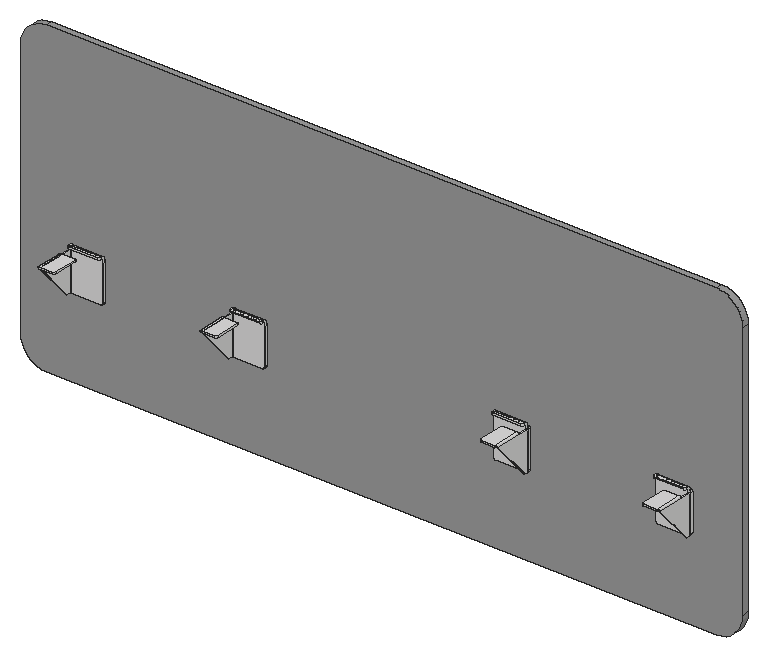
Revit family "Desk_Screens-Teknion-CQCDE_Routes_Smooth_Felt_Double_Desk_End_Screen-R2019", category Furniture, Revit 2019
Family settings
  OmniClass Number = 23.40.20.00
  OmniClass Title = General Furniture and Specialties
  Work Plane-Based = No
  Always vertical = Yes
  Cut with Voids When Loaded = No
  Shared = Yes
  Room Calculation Point = No
Parameters (values of type "42" Datum Height, Semi Modesty Height, 54" Width")
  Width = 54.000"  # constant formula
  Warranty = "http://www.teknion.com/ca/papers/legal-canada"
  Unit Weight URL = "http://www.teknion.com/ca/tools/assets#&asset=bee6a381-b954-425e-8283-5a2de3a804f2,f828d448-4b62-4231-9e5f-9a8991c0ed77"
  URL = "www.teknion.com"
  To render please download texture images found here [instance] = "https://assets.teknion.com/web/5e81352c1dfdb467/revit-material-swatches/"
  Sustainability Data = "https://www.teknion.com/ca/tools/assets#&topic=216f99a5-57a0-44fc-b10a-9dee9b29ae4c&asset=444deb64-fe58-4b68-981e-f75e97781df7,b4ff2d81-9f2e-437d-9659-7cffb09c31cf"
  Smooth Felt Finish [instance] = Fabric - Teknion - R5 - Smooth Felt - Pewter
  Series = "Routes"  # constant formula
  Product Page URL = "https://www.teknion.com/ca/products/product-details?productLineId=70f0476f-8e7a-673b-a6c8-ff05004460c4"
  Product Line = "Routes"  # constant formula
  Product Documentation Link = "https://assets.teknion.com/m/72af4764f50e983c/original/Routes-Reference-Guide.pdf"
  Part Number = "CQCDE"  # constant formula
  Modesty Base Height = 19.000"
  Model = "CQCDE42T54"
  Manufacturer Phone = "416-661-3370"  # constant formula
  Manufacturer Fax = "416.661.4586"  # constant formula
  Manufacturer Contact Information = "http://www.teknion.com/ca/contactus"
  Manufacturer Address = "1150 Flint Road, Toronto, ON. M3J 2J5. Canada"  # constant formula
  Manufacturer = "Teknion"  # constant formula
  How To Use Teknion Materials User Guide [instance] = "https://assets.teknion.com/m/205dd0a49fa58060/original/How-to-add-a-Material-Library-and-Texture-Images-to-your-Revit-project.pdf"
  Hardware Finish [instance] = Paint - Teknion - Mica - Arctic
  For Additional Finishes please visit [instance] = "https://assets.teknion.com/m/44a8009b046e5d47/original/Teknion_Materials_Library.zip"
  Description = "Smooth Felt Double Desk End Screen, 42\" Datum Height, Semi Modesty Height (19\"), 54\" Width"
  Datum Height = 42.000"
  Connection Node Visibility [instance] = yes
  Assembly Code = "E2020200"
Types (4): name | Modesty Base Height | Model | Description | Datum Height
  (no name) | 19.000" | "CQCDE42T54" | "Smooth Felt Double Desk End Screen, 42\" Datum Height, Semi Modesty Height (19\"), 54\" Width" | 42.000"
  47" Datum Height, Slim Modesty Height, 54" Width | 24.000" | "CQCDE47L54" | "Smooth Felt Double Desk End Screen, 47\" Datum Height, Slim Modesty Height (24\"), 54\" Width" | 47.000"
  42" Datum Height, Slim Modesty Height, 54" Width | 24.000" | "CQCDE42L54" | "Smooth Felt Double Desk End Screen, 42\" Datum Height, Slim Modesty Height (24\"), 54\" Width" | 42.000"
  42" Datum Height, Semi Modesty Height, 54" Width | 19.000" | "CQCDE42T54" | "Smooth Felt Double Desk End Screen, 42\" Datum Height, Semi Modesty Height (19\"), 54\" Width" | 42.000"
Reference planes (in)
  plane 1 "Center Front/Back": y = 0
  plane 2: z = 0
  plane 3 "Center Left/Right": x = 0
  plane 4 "Left": x = -26.75
  plane 5 "Right": x = 26.75
  plane 6 "Back": y = 1.00013
  plane 7 "Front": y = -2.607
  plane 8 "Top": z = 42
  plane 9: z = 19
Forms (in)
  Sweep 1, solid, material "Fabric - Teknion - R5 - Smooth Felt - Pewter" <- "Smooth Felt Finish"
    path origin (0, 0, 0) x (1, 0, 0) y (0, 1, 0)
      loop
        line (0, 0.508) -> (0, 1.00013)
    profile origin (0, 0.75406, 0) x (-1, 0, 0) y (0, 0, 1)
      loop
        arc (-24.785, 42) -> (-26.17446, 41.42446) -> (-26.75, 40.035) r 1.965
        line (-26.75, 40.035) -> (-26.75, 20.965)
        arc (-26.75, 20.965) -> (-26.17446, 19.57554) -> (-24.785, 19) r 1.965
        line (-24.785, 19) -> (24.785, 19)
        arc (24.785, 19) -> (26.17446, 19.57554) -> (26.75, 20.965) r 1.965
        line (26.75, 20.965) -> (26.75, 40.035)
        arc (26.75, 40.035) -> (26.17446, 41.42446) -> (24.785, 42) r 1.965
        line (24.785, 42) -> (-24.785, 42)
Lines and regions (in)
  Masking region 1
    outline origin (0, 0, 0) x (1, 0, 0) y (0, 1, 0)
      loop
        line (-26.75, 1.00013) -> (-26.75, 0.508) -> (26.75, 0.508) -> (26.75, 1.00013) -> (-26.75, 1.00013)
Dimensions and locks (in)
  locked: plane 4 "Left" to plane 5 "Right" at 53.5
  locked: plane 6 "Back" to plane 7 "Front" at 3.60713
  "Datum Height": plane 8 "Top" to level
  equal spacing: plane 4 "Left", plane 3 "Center Left/Right", plane 5 "Right", locked at 26.75 each
  plane 7 "Front" to plane 1 "Center Front/Back" to plane 6 "Back" = 2.607" locked, 1.00013" locked
  "Modesty Base Height": plane 9 to level
  locked: plane 6 "Back" to Sweep 1 sketch curve at 0.49213
  plane 8 "Top" to Sweep 1 sketch curve to Sweep 1 sketch curve to Sweep 1 sketch curve = 0.000" locked, 1.965" locked, 0.000" locked
  Sweep 1 sketch curve to Sweep 1 sketch curve to plane 9 to Sweep 1 sketch curve = 0.000" locked, 1.965" locked, 0.000" locked
  Sweep 1 sketch curve to Sweep 1 sketch curve to plane 4 "Left" to Sweep 1 sketch curve = 0.000" locked, 1.965" locked, 0.000" locked
  Sweep 1 sketch curve to Sweep 1 sketch curve to plane 5 "Right" to Sweep 1 sketch curve = 0.000" locked, 1.965" locked, 0.000" locked
  nested 1 to nested 2 to nested 4 to nested 3 to level = 0.000" locked, 0.000" locked, 0.000" locked, 28.250" locked
  nested 1 to nested 2 to plane 3 "Center Left/Right" to nested 4 to nested 3 = 12.000" locked, 9.750" locked, 9.750" locked, 12.000" locked
  plane 1 "Center Front/Back" to nested 1 to nested 2 to nested 4 to nested 3 = 0.000" locked, 0.000" locked, 0.000" locked, 0.000" locked
  locked: plane 6 "Back" to Masking region 1 sketch curve at 0.49213
  aligned and locked: level to plane 2
  aligned and locked: plane 6 "Back" to Sweep 1 sketch curve
  aligned and locked: plane 3 "Center Left/Right" to Sweep 1 sketch curve
  aligned and locked: plane 1 "Center Front/Back" to nested 5
  aligned and locked: plane 3 "Center Left/Right" to nested 5
  aligned and locked: Masking region 1 sketch curve to plane 5 "Right"
  aligned and locked: Masking region 1 sketch curve to plane 6 "Back"
  aligned and locked: plane 4 "Left" to Masking region 1 sketch curve
Nested families (in)
  nested 1: "Accessories-Teknion-Routes_Hardware-R2018" at (-21.75, 0, 25), Hardware Finish <- "Hardware Finish", type "Desk Edge Screen Hardware"
    with To render please download texture images found here "https://assets.teknion.com/web/5e81352c1dfdb467/revit-material-swatches/", How To Use Teknion Materials User Guide "https://assets.teknion.com/m/205dd0a49fa58060/original/How-to-add-a-Material-Library-and-Texture-Images-to-your-Revit-project.pdf", Hardware Finish Paint - Teknion - Mica - Arctic, For Additional Finishes please visit "https://assets.teknion.com/m/44a8009b046e5d47/original/Teknion_Materials_Library.zip"
  nested 2: "Accessories-Teknion-Routes_Hardware-R2018" at (-9.75, 0, 25), Hardware Finish <- "Hardware Finish", type "Desk Edge Screen Hardware"
    with To render please download texture images found here "https://assets.teknion.com/web/5e81352c1dfdb467/revit-material-swatches/", How To Use Teknion Materials User Guide "https://assets.teknion.com/m/205dd0a49fa58060/original/How-to-add-a-Material-Library-and-Texture-Images-to-your-Revit-project.pdf", Hardware Finish Paint - Teknion - Mica - Arctic, For Additional Finishes please visit "https://assets.teknion.com/m/44a8009b046e5d47/original/Teknion_Materials_Library.zip"
  nested 3: "Accessories-Teknion-Routes_Hardware-R2018" at (21.75, 0, 25) x (-1, 0, 0) z (0, 0, 1), Hardware Finish <- "Hardware Finish", type "Desk Edge Screen Hardware"
    with To render please download texture images found here "https://assets.teknion.com/web/5e81352c1dfdb467/revit-material-swatches/", How To Use Teknion Materials User Guide "https://assets.teknion.com/m/205dd0a49fa58060/original/How-to-add-a-Material-Library-and-Texture-Images-to-your-Revit-project.pdf", Hardware Finish Paint - Teknion - Mica - Arctic, For Additional Finishes please visit "https://assets.teknion.com/m/44a8009b046e5d47/original/Teknion_Materials_Library.zip"
  nested 4: "Accessories-Teknion-Routes_Hardware-R2018" at (9.75, 0, 25) x (-1, 0, 0) z (0, 0, 1), Hardware Finish <- "Hardware Finish", type "Desk Edge Screen Hardware"
    with To render please download texture images found here "https://assets.teknion.com/web/5e81352c1dfdb467/revit-material-swatches/", How To Use Teknion Materials User Guide "https://assets.teknion.com/m/205dd0a49fa58060/original/How-to-add-a-Material-Library-and-Texture-Images-to-your-Revit-project.pdf", Hardware Finish Paint - Teknion - Mica - Arctic, For Additional Finishes please visit "https://assets.teknion.com/m/44a8009b046e5d47/original/Teknion_Materials_Library.zip"
  nested 5: "Teknion_2D_Node_Family-R2016" at (0, 0, 0), visible <- "Connection Node Visibility", type "Teknion_2D_Node_Family-R2016"
Definition of nested family "Accessories-Teknion-Routes_Hardware-R2018"
  Parameters (values of type "Desk Edge Screen Hardware")
    Warranty = "http://www.teknion.com/ca/papers/legal-canada"
    Unit Weight URL = "http://www.teknion.com/ca/tools/assets#&asset=bee6a381-b954-425e-8283-5a2de3a804f2,f828d448-4b62-4231-9e5f-9a8991c0ed77"
    URL = "www.teknion.com"
    To render please download texture images found here [instance] = "https://assets.teknion.com/web/5e81352c1dfdb467/revit-material-swatches/"
    Sustainability Data = "https://www.teknion.com/ca/tools/assets#&topic=216f99a5-57a0-44fc-b10a-9dee9b29ae4c&asset=444deb64-fe58-4b68-981e-f75e97781df7,b4ff2d81-9f2e-437d-9659-7cffb09c31cf"
    Series = "Routes"  # constant formula
    Product Page URL = "https://www.teknion.com/ca/products/all-products"
    Product Line = "Routes"  # constant formula
    Model = "Routes Desk Screen Hardware"
    Manufacturer Phone = "416-661-3370"  # constant formula
    Manufacturer Fax = "416.661.4586"  # constant formula
    Manufacturer Contact Information = "http://www.teknion.com/ca/contactus"
    Manufacturer Address = "1150 Flint Road, Toronto, ON. M3J 2J5. Canada"  # constant formula
    Manufacturer = "Teknion"  # constant formula
    How To Use Teknion Materials User Guide [instance] = "https://assets.teknion.com/m/205dd0a49fa58060/original/How-to-add-a-Material-Library-and-Texture-Images-to-your-Revit-project.pdf"
    Hardware Finish [instance] = none
    For Additional Finishes please visit [instance] = "https://assets.teknion.com/m/44a8009b046e5d47/original/Teknion_Materials_Library.zip"
    Description = "Routes Desk Screen Hardware"
    Assembly Code = "E2020200"
  Reference planes (in)
    plane 1 "Center Front/Back": y = 0
    plane 2: z = 0
    plane 3 "Center Left/Right": x = 0
    plane 4 "Left": x = -1.25
    plane 5 "Right": x = 1.25
    plane 6 "Back": y = 0.508
    plane 7 "Front": y = -2.607
    plane 8 "Top": z = 3.25
  Forms (in)
    Sweep 1, solid, material <- "Hardware Finish"
      path origin (0, 0, 0) x (1, 0, 0) y (0, 1, 0)
        loop
          line (0, 0.508) -> (0, 0.403)
      profile origin (0, 0.4555, 0) x (1, 0, 0) y (0, 0, 1)
        loop
          line (1.125, 3) -> (-1.125, 3)
          arc (-1.125, 3) -> (-1.21339, 2.96339) -> (-1.25, 2.875) r 0.125
          line (-1.25, 2.875) -> (-1.25, 0.125)
          arc (-1.25, 0.125) -> (-1.21339, 0.03661) -> (-1.125, 0) r 0.125
          line (-1.125, 0) -> (1.125, 0)
          arc (1.125, 0) -> (1.21339, 0.03661) -> (1.25, 0.125) r 0.125
          line (1.25, 0.125) -> (1.25, 2.875)
          arc (1.25, 2.875) -> (1.21339, 2.96339) -> (1.125, 3) r 0.125
    Sweep 2, solid, material <- "Hardware Finish"
      path origin (0, 0, 0) x (1, 0, 0) y (0, 0, 1)
        loop
          line (0, 0) -> (0, 2.865)
      profile origin (0, 0, 1.4325) x (-1, 0, 0) y (0, -1, 0)
        loop
          line (1.115, -0.298) -> (-1.25, -0.298) -> (-1.25, -0.403) -> (1.115, -0.403)
          arc (1.115, -0.403) -> (1.21046, -0.36346) -> (1.25, -0.268) r 0.135
          line (1.25, -0.268) -> (1.25, 2.607) -> (1.145, 2.607) -> (1.145, -0.268)
          arc (1.145, -0.268) -> (1.13621, -0.28921) -> (1.115, -0.298) r 0.03
    Sweep 3, solid, material <- "Hardware Finish"
      path origin (0, 0, 0) x (1, 0, 0) y (0, 1, 0)
        loop
          line (0, -0.567) -> (0, -2.607)
      profile origin (0, -1.587, 0) x (1, 0, 0) y (0, 0, 1)
        loop
          line (0, 2.895) -> (0, 3) -> (-1.115, 3)
          arc (-1.115, 3) -> (-1.21046, 2.96046) -> (-1.25, 2.865) r 0.135
          line (-1.25, 2.865) -> (-1.145, 2.865)
          arc (-1.145, 2.865) -> (-1.13621, 2.88621) -> (-1.115, 2.895) r 0.03
          line (-1.115, 2.895) -> (0, 2.895)
    Sweep 4, solid, material <- "Hardware Finish"
      path origin (0, 0, 0) x (1, 0, 0) y (0, 1, 0)
        loop
          line (-1.115, 0) -> (1.25, 0)
      profile origin (0.0675, 0, 0) x (0, 1, 0) y (0, 0, 1)
        loop
          line (0.403, 2.865) -> (0.403, 3.115)
          arc (0.403, 3.115) -> (0.36346, 3.21046) -> (0.268, 3.25) r 0.135
          line (0.268, 3.25) -> (0, 3.25) -> (0, 3.145) -> (0.268, 3.145)
          arc (0.268, 3.145) -> (0.28921, 3.13621) -> (0.298, 3.115) r 0.03
          line (0.298, 3.115) -> (0.298, 2.865) -> (0.403, 2.865)
    Sweep 5, void
      path origin (0, 0, 0) x (1, 0, 0) y (0, 1, 0)
        loop
          line (-1.25, 0) -> (-1.115, 0)
      profile origin (-1.1825, 0, 0) x (0, 1, 0) y (0, 0, 1)
        loop
          line (-2.607, 3) -> (-2.607, 0) -> (0.028, 0) -> (-2.607, 3)
    Sweep 6, void
      path origin (0, 0, 0) x (1, 0, 0) y (0, 1, 0)
        loop
          line (0, 0.298) -> (0, 0.403)
      profile origin (0, 0.3505, 0) x (-1, 0, 0) y (0, 0, 1)
        loop
          line (-1.25, 0.125) -> (-1.25, 0) -> (-1.125, 0)
          arc (-1.125, 0) -> (-1.21339, 0.03661) -> (-1.25, 0.125) r 0.125
    Sweep 7, void
      path origin (0, 0, 0) x (1, 0, 0) y (0, 0, 1)
        loop
          line (0, 3.25) -> (0, 2.895)
      profile origin (0, 0, 3.0725) x (0, -1, 0) y (1, 0, 0)
        loop
          line (0, -1.115) -> (0, -0.99)
          arc (0, -0.99) -> (-0.03661, -1.07839) -> (-0.125, -1.115) r 0.125
          line (-0.125, -1.115) -> (0, -1.115)
        loop
          line (0, 1.125) -> (0, 1.25) -> (-0.125, 1.25)
          arc (-0.125, 1.25) -> (-0.03661, 1.21339) -> (0, 1.125) r 0.125
        loop
          line (2.607, 0) -> (2.482, 0)
          arc (2.482, 0) -> (2.57039, -0.03661) -> (2.607, -0.125) r 0.125
          line (2.607, -0.125) -> (2.607, 0)
        loop
          line (0.692, 0) -> (0.567, 0) -> (0.567, -0.125)
          arc (0.567, -0.125) -> (0.60361, -0.03661) -> (0.692, 0) r 0.125
  Cuts and joins
    Sweep 5, Sweep 6 cuts Sweep 2
    Sweep 5, Sweep 7 cuts Sweep 3
    Sweep 7 cuts Sweep 4
    joined: Sweep 2, Sweep 3, Sweep 4
  Lines and regions (in)
    symbolic lines, detail levels medium+fine
      curve 1: line (-1.25, 0.508, 0) -> (1.25, 0.508, 0)
      curve 2: line (-1.25, 0.403, 0) -> (1.25, 0.403, 0)
      curve 3: line (-0.99, 0, 0) -> (1.125, 0, 0)
      curve 4: arc (1.125, 0, 0) -> (1.21339, 0.03661, 0) -> (1.25, 0.125, 0) r 0.125
      curve 5: line (1.25, 0.125, 0) -> (1.25, 0.508, 0)
      curve 6: line (-1.115, 0.403, 0) -> (-1.115, 0.125, 0)
      curve 7: arc (-1.115, 0.125, 0) -> (-1.07839, 0.03661, 0) -> (-0.99, 0, 0) r 0.125
      curve 8: line (-1.25, -0.567, 0) -> (-0.125, -0.567, 0)
      curve 9: line (0, -2.482, 0) -> (0, -0.692, 0)
      curve 10: arc (-0.125, -0.567, 0) -> (-0.03661, -0.60361, 0) -> (0, -0.692, 0) r 0.125
      curve 11: line (-1.12603, -2.607, 0) -> (-0.125, -2.607, 0)
      curve 12: arc (0, -2.482, 0) -> (-0.03661, -2.57039, 0) -> (-0.125, -2.607, 0) r 0.125
      curve 13: line (-1.25, 0.268, 0) -> (-1.25, -2.48842, 0)
      curve 14: spline (-1.24771, -2.48862, 0) -> (-1.24911, -2.50162, 0) -> (-1.24812, -2.51464, 0) -> (-1.24474, -2.52748, 0) -> (-1.23904, -2.53996, 0) -> (-1.23109, -2.55189, 0) -> (-1.22102, -2.5631, 0) -> (-1.20896, -2.57342, 0) -> (-1.1951, -2.58271, 0) -> (-1.17964, -2.59081, 0) -> (-1.16281, -2.59763, 0) -> (-1.14485, -2.60305, 0) -> (-1.12603, -2.607, 0)
      curve 15: arc (-1.25, 0.268, 0) -> (-1.21046, 0.36346, 0) -> (-1.115, 0.403, 0) r 0.135
      curve 16: line (-1.145, -2.48842, 0) -> (-1.145, 0.268, 0)
      curve 17: arc (-1.115, 0.298, 0) -> (-1.13621, 0.28921, 0) -> (-1.145, 0.268, 0) r 0.03
      curve 18: line (-1.115, 0.298, 0) -> (1.25, 0.298, 0)
      curve 19: line (-1.25, 0.403, 0) -> (-1.25, 0.508, 0)
  Dimensions and locks (in)
    locked: plane 4 "Left" to plane 5 "Right" at 2.5
    locked: plane 6 "Back" to plane 7 "Front" at 3.115
    locked: plane 8 "Top" to level at 3.25
    equal spacing: plane 4 "Left", plane 3 "Center Left/Right", plane 5 "Right"
    plane 6 "Back" to plane 1 "Center Front/Back" to plane 7 "Front" = 0.508" locked, 2.607" locked
    locked: plane 6 "Back" to Sweep 1 sketch curve at 0.105
    aligned and locked: level to plane 2
    aligned and locked: plane 6 "Back" to Sweep 1 sketch curve
    aligned and locked: Sweep 1 sketch curve to plane 3 "Center Left/Right"
    aligned and locked: curve 1 to Sweep 1
    aligned and locked: curve 2 to Sweep 1
    aligned and locked: curve 4 to cut or joined group of Sweep 2, Sweep 3, Sweep 4, Sweep 5, Sweep 6, Sweep 7
    aligned and locked: curve 6 to cut or joined group of Sweep 2, Sweep 3, Sweep 4, Sweep 5, Sweep 6, Sweep 7
    aligned and locked: curve 7 to cut or joined group of Sweep 2, Sweep 3, Sweep 4, Sweep 5, Sweep 6, Sweep 7
    aligned and locked: curve 8 to cut or joined group of Sweep 2, Sweep 3, Sweep 4, Sweep 5, Sweep 6, Sweep 7
    aligned and locked: curve 10 to cut or joined group of Sweep 2, Sweep 3, Sweep 4, Sweep 5, Sweep 6, Sweep 7
    aligned and locked: curve 11 to cut or joined group of Sweep 2, Sweep 3, Sweep 4, Sweep 5, Sweep 6, Sweep 7
    aligned and locked: curve 12 to cut or joined group of Sweep 2, Sweep 3, Sweep 4, Sweep 5, Sweep 6, Sweep 7
    aligned and locked: curve 15 to cut or joined group of Sweep 2, Sweep 3, Sweep 4, Sweep 5, Sweep 6, Sweep 7
    aligned and locked: curve 16 to cut or joined group of Sweep 2, Sweep 3, Sweep 4, Sweep 5, Sweep 6, Sweep 7
    aligned and locked: curve 17 to cut or joined group of Sweep 2, Sweep 3, Sweep 4, Sweep 5, Sweep 6, Sweep 7
    aligned and locked: plane 4 "Left" to curve 19
  Automatic sketch dimensions
    Sweep 1 sketch curve to level = 0.000"
    profile plane to Sweep 1 sketch curve = 1.250"
    Sweep 1 sketch curve to Sweep 1 sketch curve = 0.125"  (x3)
    Sweep 1 sketch curve to profile plane = 1.125"  (x2)
    Sweep 1 sketch curve to Sweep 1 sketch curve = 2.750"
    Sweep 2 sketch curve to plane 3 "Center Left/Right" = 0.000"
    Sweep 2 sketch curve to level = 0.000"
    Sweep 2 sketch curve to plane 8 "Top" = 0.385"
    Sweep 2 sketch curve to Sweep 2 sketch curve = 0.000"  (x3)
    Sweep 2 sketch curve to plane 1 "Center Front/Back" = 0.298"
    Sweep 2 sketch curve to profile plane = 1.115"
    Sweep 2 sketch curve to Sweep 2 sketch curve = 0.105"
    plane 1 "Center Front/Back" to Sweep 2 sketch curve = 2.607"
    profile plane to Sweep 2 sketch curve = 1.250"
    Sweep 2 sketch curve to profile plane = 1.145"
    plane 7 "Front" to Sweep 3 sketch curve = 0.000"
    Sweep 3 sketch curve to plane 3 "Center Left/Right" = 0.000"
    plane 1 "Center Front/Back" to Sweep 3 sketch curve = 0.567"
    Sweep 3 sketch curve to Sweep 3 sketch curve = 0.000"
    profile plane to Sweep 3 sketch curve = 0.000"
    profile plane to Sweep 3 sketch curve = 1.115"
    level to Sweep 3 sketch curve = 2.865"
    Sweep 3 sketch curve to Sweep 3 sketch curve = 0.105"
    Sweep 3 sketch curve to Sweep 3 sketch curve = 0.030"
    Sweep 4 sketch curve to plane 5 "Right" = 0.000"
    Sweep 4 sketch curve to plane 1 "Center Front/Back" = 0.000"
    plane 4 "Left" to Sweep 4 sketch curve = 0.135"
    Sweep 4 sketch curve to profile plane = 0.000"
    Sweep 4 sketch curve to profile plane = 0.268"
    Sweep 4 sketch curve to Sweep 4 sketch curve = 0.030"
    Sweep 4 sketch curve to Sweep 4 sketch curve = 0.105"
    level to Sweep 4 sketch curve = 2.865"
    Sweep 4 sketch curve to Sweep 4 sketch curve = 0.250"
    Sweep 4 sketch curve to Sweep 4 sketch curve = 0.000"  (x2)
    plane 1 "Center Front/Back" to Sweep 5 sketch curve = 0.000"
    Sweep 5 sketch curve to plane 4 "Left" = 0.000"
    plane 4 "Left" to Sweep 5 sketch curve = 0.135"
    Sweep 5 sketch curve to level = 0.000"
    profile plane to Sweep 5 sketch curve = 2.607"
    Sweep 5 sketch curve to profile plane = 0.028"
    level to Sweep 5 sketch curve = 3.000"
    Sweep 6 sketch curve to plane 3 "Center Left/Right" = 0.000"
    Sweep 6 sketch curve to plane 6 "Back" = 0.210"
    Sweep 6 sketch curve to Sweep 6 sketch curve = 0.105"
    level to Sweep 6 sketch curve = 0.125"
    profile plane to Sweep 6 sketch curve = 1.125"  (x2)
    Sweep 6 sketch curve to level = 0.000"  (x2)
    Sweep 6 sketch curve to Sweep 6 sketch curve = 0.000"  (x2)
    Sweep 7 sketch curve to plane 3 "Center Left/Right" = 0.000"
    Sweep 7 sketch curve to plane 8 "Top" = 0.000"
    Sweep 7 sketch curve to Sweep 7 sketch curve = 0.355"
    Sweep 7 sketch curve to Sweep 7 sketch curve = 0.125"  (x4)
    Sweep 7 sketch curve to Sweep 7 sketch curve = 0.000"  (x7)
    Sweep 7 sketch curve to profile plane = 1.125"
    plane 1 "Center Front/Back" to Sweep 7 sketch curve = 0.567"
    profile plane to Sweep 7 sketch curve = 0.125"  (x2)
    Sweep 7 sketch curve to Sweep 7 sketch curve = 1.915"
    Sweep 7 sketch curve to Sweep 7 sketch curve = 0.865"
    plane 1 "Center Front/Back" to Sweep 7 sketch curve = 0.000"  (x4)
    Sweep 7 sketch curve to plane 1 "Center Front/Back" = 0.125"
    Sweep 7 sketch curve to profile plane = 0.000"  (x4)
    profile plane to Sweep 7 sketch curve = 0.990"
    Sweep 7 sketch curve to Sweep 7 sketch curve = 1.790"
    curve 16 to curve 11 = 0.01897"
    plane 4 "Left" to curve 14 = 0.00088"
    plane 4 "Left" to curve 14 = 0.00229"
    curve 16 to curve 14 = 0.05884"
    curve 14 to plane 7 "Front" = 0.10427"
    curve 14 to curve 16 = 0.0143"
    curve 14 to curve 13 = 0.0002"
    curve 18 to curve 17 = 0.000"
Definition of nested family "Teknion_2D_Node_Family-R2016"
  Reference planes (in)
    plane 1 "Center (Front/Back)": y = 0
    plane 2: z = 0
    plane 3 "Center (Left/Right)": x = 0
  Lines and regions (in)
    detail lines, in view "Ref. Level"
      curve 1: circle (0, 0, 0) r 1.25 normal (0, 0, 1)
      curve 2: line (1.91508, -1.91508, 0) -> (-1.91508, 1.91508, 0)
      curve 3: line (-1.91508, -1.91508, 0) -> (1.91508, 1.91508, 0)
